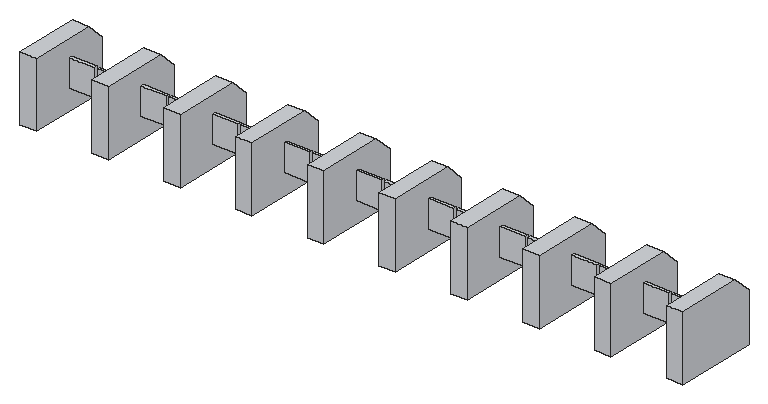
Revit family "TurnStile", category Generic Models, Revit 2025
Family settings
  Can host rebar = No
  Round Connector Dimension = Use Diameter
  Part Type = Normal
  Work Plane-Based = No
  Always vertical = Yes
  Cut with Voids When Loaded = No
  Maintain Annotation Orientation = No
  Shared = No
  Room Calculation Point = No
Parameters (values of type "SD")
  turnstile w [instance] = 1' - 0"  # constant formula
  num_array act [instance] = (L - edge offset * 2) / (module_desired) - 1  # 9
  module_desired [instance] = turnstile w + gap_desired  # 4' - 0"
  module_act [instance] = (L - edge offset * 2) / (num_array act)  # 4' - 4"
  gap_desired = 3' - 0"
  edge offset [instance] = turnstile w / 2  # 0' - 6"
  L [instance] = 40' - 0"
  Default Elevation = 0' - 0"
Reference planes (in)
  plane 1 "Center (Front/Back)": y = 0
  plane 2: z = 0
  plane 3 "Center (Left/Right)": x = 0
  plane 4: x = 480
  plane 5: x = 6
  plane 6: x = 422
  plane 7: x = 474
Dimensions and locks (in)
  "L": plane 3 "Center (Left/Right)" to plane 4
  "edge offset": plane 3 "Center (Left/Right)" to plane 5
  equal spacing: group 1, group 3, group 4, group 5, group 6, group 7, group 8, group 9, group 2  (x3)
  "module_act": plane 6 to plane 7
  "edge offset": plane 7 to plane 4
  aligned and locked: plane 2 to level
  aligned and locked: plane 1 "Center (Front/Back)" to nested 1
  aligned and locked: nested 2 to plane 6
  aligned and locked: plane 1 "Center (Front/Back)" to nested 2
  aligned and locked: plane 1 "Center (Front/Back)" to nested 4
  aligned and locked: plane 7 to nested 4
  aligned and locked: nested 1 to plane 5
Nested families (in)
  nested 1: "single turnstile" at (6, 0, 0), gap <- "gap_desired", actual module <- "module_act", type "single turnstile"
    with show_door yes, gap 3' - 4", door swing 1' - 7", door from CL 2' - 1", actual module 4' - 4"
  nested 2: "single turnstile" at (422, 0, 0), gap <- "gap_desired", actual module <- "module_act", type "single turnstile"
    with show_door yes, gap 3' - 4", door swing 1' - 7", door from CL 2' - 1", actual module 4' - 4"
  nested 3: "single turnstile" at (58, 0, 0), gap <- "gap_desired", actual module <- "module_act", type "single turnstile"
    with show_door yes, gap 3' - 4", door swing 1' - 7", door from CL 2' - 1", actual module 4' - 4"
  nested 4: "single turnstile" at (474, 0, 0), type "single turnstile"
    with show_door no, gap 6' - 11.45669", door swing 3' - 4.72835", door from CL 3' - 10.72835", actual module 7' - 11.45669"
  nested 5: "single turnstile" at (110, 0, 0), gap <- "gap_desired", actual module <- "module_act", type "single turnstile"
    with show_door yes, gap 3' - 4", door swing 1' - 7", door from CL 2' - 1", actual module 4' - 4"
  nested 6: "single turnstile" at (162, 0, 0), gap <- "gap_desired", actual module <- "module_act", type "single turnstile"
    with show_door yes, gap 3' - 4", door swing 1' - 7", door from CL 2' - 1", actual module 4' - 4"
  nested 7: "single turnstile" at (214, 0, 0), gap <- "gap_desired", actual module <- "module_act", type "single turnstile"
    with show_door yes, gap 3' - 4", door swing 1' - 7", door from CL 2' - 1", actual module 4' - 4"
  nested 8: "single turnstile" at (266, 0, 0), gap <- "gap_desired", actual module <- "module_act", type "single turnstile"
    with show_door yes, gap 3' - 4", door swing 1' - 7", door from CL 2' - 1", actual module 4' - 4"
  nested 9: "single turnstile" at (318, 0, 0), gap <- "gap_desired", actual module <- "module_act", type "single turnstile"
    with show_door yes, gap 3' - 4", door swing 1' - 7", door from CL 2' - 1", actual module 4' - 4"
  nested 10: "single turnstile" at (370, 0, 0), gap <- "gap_desired", actual module <- "module_act", type "single turnstile"
    with show_door yes, gap 3' - 4", door swing 1' - 7", door from CL 2' - 1", actual module 4' - 4"
Definition of nested family "single turnstile"
  Parameters (values of type "single turnstile")
    show_door [instance] = yes
    machine W = 1' - 0"  # constant formula
    inner gap = machine W / 2  # 0' - 6"
    gap [instance] = actual module - machine W  # 3' - 0"
    door thickness = 0' - 2"  # constant formula
    door swing [instance] = door from CL - machine W / 2  # 1' - 5"
    door from CL [instance] = actual module / 2 - 0' 1"  # 1' - 11"
    actual module [instance] = 4' - 0"
    Default Elevation = 0' - 0"
  Reference planes (in)
    plane 1 "Center (Front/Back)": y = 0
    plane 2: z = 0
    plane 3 "Center (Left/Right)": x = 0
    plane 4: x = 48
  Forms (in)
    Extrusion 1, solid
      sketch origin (0, 0, 0) x (1, 0, 0) y (0, 1, 0)
        loop
          line (-6, 29.52756) -> (-6, -29.52756) -> (6, -29.52756) -> (6, 29.52756) -> (-6, 29.52756)
      from 0 to 47.24409
    Extrusion 2, solid, visible <- "show_door"
      sketch origin (0, 0, 0) x (1, 0, 0) y (0, 1, 0)
        loop
          line (6, 1) -> (6, -1) -> (23, -1) -> (23, 1) -> (6, 1)
        loop
          line (25, 1) -> (25, -1) -> (42, -1) -> (42, 1) -> (25, 1)
      from 15.74803 to 35.43307
    Extrusion 3, void
      sketch origin (0, 0, 0) x (0, 1, 0) y (0, 0, 1)
        loop
          line (9.08833, 55.8723) -> (29.52756, 35.43307) -> (43.734, 35.43307) -> (43.734, 55.8723) -> (9.08833, 55.8723)
      from -24.34047 to 9.84252
  Cuts and joins
    Extrusion 3 cuts Extrusion 1
  Lines and regions (in)
    symbolic lines, visible <- "show_door"
      curve 1: arc (23, 0, 0) -> (18.02082, -12.02082, 0) -> (6, -17, 0) r 17
      curve 2: arc (25, 0, 0) -> (29.97918, -12.02082, 0) -> (42, -17, 0) r 17
  Dimensions and locks (in)
    "door from CL": plane 3 "Center (Left/Right)" to Extrusion 2 sketch curve
    equal spacing: Extrusion 1 sketch curve, plane 3 "Center (Left/Right)", Extrusion 1 sketch curve
    "machine W": Extrusion 1 sketch curve to Extrusion 1 sketch curve
    "actual module": plane 3 "Center (Left/Right)" to plane 4
    "inner gap": plane 3 "Center (Left/Right)" to Extrusion 2 sketch curve
    equal spacing: Extrusion 2 sketch curve, plane 1 "Center (Front/Back)", Extrusion 2 sketch curve
    "door thickness": Extrusion 2 sketch curve to Extrusion 2 sketch curve
    "door from CL": Extrusion 2 sketch curve to plane 4
    "inner gap": Extrusion 2 sketch curve to plane 4
    "inner gap": plane 3 "Center (Left/Right)" to curve 1
    "inner gap": curve 2 to plane 4
    "door swing": radius of curve 2
    "door swing": radius of curve 1
    aligned and locked: plane 2 to level
    aligned and locked: Extrusion 2 sketch curve to Extrusion 2 sketch curve  (x2)
  Automatic sketch dimensions
    Extrusion 3 sketch curve to plane 1 "Center (Front/Back)" = 2' - 5.52756"
    Extrusion 3 sketch curve to Extrusion 3 sketch curve = 1' - 2.20644"
    Extrusion 3 sketch curve to plane 1 "Center (Front/Back)" = 0' - 9.08833"
    Extrusion 3 sketch curve to Extrusion 3 sketch curve = 1' - 8.43923"
    level to Extrusion 3 sketch curve = 2' - 11.43307"
    plane 1 "Center (Front/Back)" to curve 1 = 0' - 0"
    plane 1 "Center (Front/Back)" to curve 2 = 0' - 0"
    plane 1 "Center (Front/Back)" to Extrusion 1 sketch curve = 2' - 5.52756"
    Extrusion 1 sketch curve to plane 1 "Center (Front/Back)" = 2' - 5.52756"
